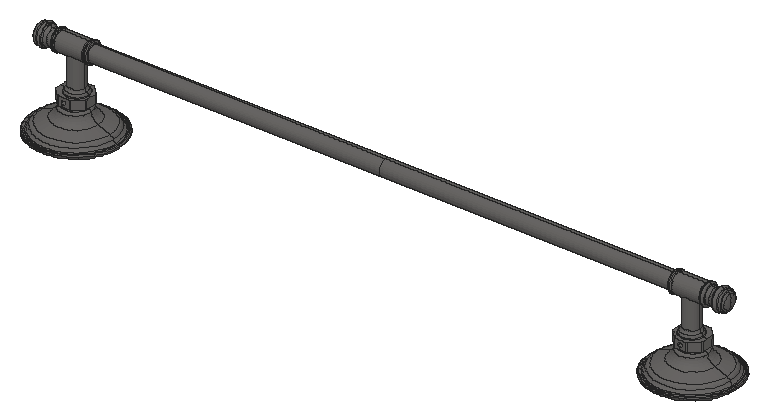
Revit family "Accessory-Towel_Bar-KOHLER-Eclectic-K-26499", category Specialty Equipment, host Face, Revit 2021
Family settings
  Host = Face
  Round Connector Dimension = Use Diameter
  Part Type = Normal
  OmniClass Number = 23.31.25.25
  OmniClass Title = Towel Bars
  Cut with Voids When Loaded = No
  Shared = No
  Room Calculation Point = No
Parameters (values of type "2BZ-Oil Rubbed Bronze")
  Width = 3 55/128"  # constant formula
  WaterSense Certified = 1 = 0  # no
  URL = "https://www.us.kohler.com/us/"
  Type = 1
  Product Page URL = "http://www.us.kohler.com/us/catalog/productDetails.jsp?productId=26499"
  Product Name = "Eclectic"  # constant formula
  Product Documentation Link = "https://www.us.kohler.com/webassets/kpna/catalog/pdf/en/K-26499_spec_US-CA_Kohler_en.pdf"
  Model = if(Type = 1, "K-26499-2BZ", if(Type = 2, "K-26499-BN", if(Type = 3, "K-26499-CP", if(Type = 4, "K-26499-2MB", "NA"))))  # "K-26499-2BZ"
  Material = "Premium Metal Construction"  # constant formula
  Master Format 2014 Name = "Toilet, Bath, and Laundry Accessories"  # constant formula
  Master Format 2014 = "10 28 00"  # constant formula
  Manufacturer Address = "444 Highland Dr, Kohler, WI 53044"  # constant formula
  Manufacturer = "Kohler Co."  # constant formula
  Length = 27 49/128"  # constant formula
  Height = 3 49/128"  # constant formula
  Finish = Kohler-Metal-2BZ-Oil_Rubbed_Bronze
  Environmental Product Declaration = ""
  Description = "24 Inch towel bar"  # constant formula
  Default Elevation = 42"
  Declare Label = ""
  Date Modified = "12/30/2022"  # constant formula
  Date Created = "12/30/2022"  # constant formula
  Copyright = "Copyright Kohler Co."  # constant formula
  Contact Us = "https://www.us.kohler.com/us/static/contact.jsp"
  Assembly Code = "C1030200"
  ADA Compliant = 1 = 0  # no
Reference planes (in)
  plane 1 "Center (Front/Back)": y = 0
  plane 2: z = 0
  plane 3 "Center (Left/Right)": x = 0
  plane 4: y = 1.69121
  plane 5: y = -1.6916
  plane 6: x = -13.69094
  plane 7: x = 13.69187
  plane 8: x = -10.30906
  plane 9: x = -12
  plane 10: x = 10.30906
  plane 11: x = 12
  plane 12: y = 0.31314
  plane 13: y = -0.31314
  plane 14: z = 3.42969
  plane 15: z = 3.31978
  plane 16: z = 3.00679
  plane 17: z = 2.69371
  plane 18: x = -12.352
  plane 19: x = -11.648
  plane 20: x = 11.648
  plane 21: x = 12.352
Dimensions and locks (in)
  "Length": plane 6 to plane 7
  "Height": plane 4 to plane 5
  "Width": level to plane 14
  plane 14 to level = 3 55/128"
  plane 15 to plane 17 = 0.62608"
  plane 9 to plane 11 = 24"
  plane 4 to plane 5 = 3 49/128"
  aligned and locked: plane 2 to host face
  aligned and locked: level to host face
  aligned and locked: plane 3 "Center (Left/Right)" to nested 1
  aligned and locked: plane 1 "Center (Front/Back)" to nested 1
Automatic sketch dimensions
  host sketch curve to host sketch curve = 96"  (x2)
Nested families (in)
  nested 1: "K-26499" at (0, 0, 0), type "K-26499"
Definition of nested family "K-26499"
  Parameters (values of type "K-26499")
    Material = none
    Default Elevation = 0"
  Reference planes (in)
    plane 1 "Center (Front/Back)": y = 0
    plane 2: z = 0
    plane 3 "Center (Left/Right)": x = 0
    plane 4: x = -13.69094
    plane 5: x = 13.69094
    plane 6: x = -12
    plane 7: x = 12
    plane 8: x = -10.30906
    plane 9: x = 10.30906
    plane 10: z = 3.43121
    plane 11: z = 3.31978
    plane 12: z = 2.69371
    plane 13: y = 1.69121
    plane 14: y = -1.69121
    plane 15: y = 0.31314
    plane 16: y = -0.31314
    plane 17: z = 3.00679
    plane 18: x = -12.352
    plane 19: x = -11.648
    plane 20: x = 12.352
    plane 21: x = 11.648
  Forms (in)
    Revolve 1, solid, material <- "Material", detail levels medium+fine
      sketch origin (0, 0, 0) x (1, 0, 0) y (0, 0, 1)
        loop
          line (-13.47606, 3.00679) -> (13.47606, 3.00679)
          arc (13.47606, 3.00679) -> (13.4654, 3.14481) -> (13.43502, 3.27986) r 0.96108
          arc (13.43502, 3.27986) -> (13.41171, 3.31803) -> (13.37273, 3.33996) r 0.08868
          arc (13.37273, 3.33996) -> (13.3568, 3.35013) -> (13.34976, 3.36767) r 0.03094
          arc (13.34976, 3.36767) -> (13.32603, 3.39662) -> (13.29081, 3.38393) r 0.03244
          arc (13.29081, 3.38393) -> (13.24681, 3.36301) -> (13.20631, 3.39009) r 0.04931
          arc (13.20631, 3.39009) -> (13.15071, 3.43062) -> (13.08546, 3.40881) r 0.07503
          arc (13.08546, 3.40881) -> (13.07224, 3.3993) -> (13.05656, 3.39493) r 0.04658
          arc (13.05656, 3.39493) -> (13.0375, 3.38966) -> (13.02137, 3.37821) r 0.05722
          arc (13.02137, 3.37821) -> (12.95724, 3.33498) -> (12.88141, 3.31978) r 0.19685
          line (12.88141, 3.31978) -> (12.7369, 3.31978)
          arc (12.7369, 3.31978) -> (12.70984, 3.30857) -> (12.69863, 3.28151) r 0.03827
          line (12.69863, 3.28151) -> (12.69863, 3.34216)
          arc (12.69863, 3.34216) -> (12.68111, 3.38682) -> (12.6379, 3.40766) r 0.06569
          arc (12.6379, 3.40766) -> (12.62136, 3.40839) -> (12.6048, 3.40805) r 0.25877
          arc (12.6048, 3.40805) -> (12.58981, 3.40404) -> (12.57773, 3.3943) r 0.03744
          arc (12.57773, 3.3943) -> (12.56473, 3.3841) -> (12.5486, 3.38046) r 0.03756
          line (12.5486, 3.38046) -> (11.47273, 3.38046)
          arc (11.47273, 3.38046) -> (11.4454, 3.38508) -> (11.42111, 3.39845) r 0.08307
          arc (11.42111, 3.39845) -> (11.40677, 3.4061) -> (11.39065, 3.40821) r 0.04536
          arc (11.39065, 3.40821) -> (11.36449, 3.40629) -> (11.33844, 3.40316) r 0.56554
          arc (11.33844, 3.40316) -> (11.32333, 3.39615) -> (11.31457, 3.38197) r 0.02899
          line (11.31457, 3.38197) -> (11.30355, 3.34084)
          arc (11.30355, 3.34084) -> (11.2934, 3.32566) -> (11.27611, 3.31978) r 0.02841
          line (11.27611, 3.31978) -> (0.06414, 3.31978) -> (-11.27611, 3.31978)
          arc (-11.27611, 3.31978) -> (-11.2934, 3.32566) -> (-11.30355, 3.34084) r 0.02841
          line (-11.30355, 3.34084) -> (-11.31457, 3.38197)
          arc (-11.31457, 3.38197) -> (-11.32333, 3.39615) -> (-11.33844, 3.40316) r 0.02899
          arc (-11.33844, 3.40316) -> (-11.36449, 3.40629) -> (-11.39065, 3.40821) r 0.56554
          arc (-11.39065, 3.40821) -> (-11.40677, 3.4061) -> (-11.42111, 3.39845) r 0.04536
          arc (-11.42111, 3.39845) -> (-11.4454, 3.38508) -> (-11.47273, 3.38046) r 0.08307
          line (-11.47273, 3.38046) -> (-12.5486, 3.38046)
          arc (-12.5486, 3.38046) -> (-12.56473, 3.3841) -> (-12.57773, 3.3943) r 0.03756
          arc (-12.57773, 3.3943) -> (-12.58981, 3.40404) -> (-12.6048, 3.40805) r 0.03744
          arc (-12.6048, 3.40805) -> (-12.62136, 3.40839) -> (-12.6379, 3.40766) r 0.25877
          arc (-12.6379, 3.40766) -> (-12.68111, 3.38682) -> (-12.69863, 3.34216) r 0.06569
          line (-12.69863, 3.34216) -> (-12.69863, 3.28151)
          arc (-12.69863, 3.28151) -> (-12.70984, 3.30857) -> (-12.7369, 3.31978) r 0.03827
          line (-12.7369, 3.31978) -> (-12.88141, 3.31978)
          arc (-12.88141, 3.31978) -> (-12.95724, 3.33498) -> (-13.02137, 3.37821) r 0.19685
          arc (-13.02137, 3.37821) -> (-13.0375, 3.38966) -> (-13.05656, 3.39493) r 0.05722
          arc (-13.05656, 3.39493) -> (-13.07224, 3.3993) -> (-13.08546, 3.40881) r 0.04658
          arc (-13.08546, 3.40881) -> (-13.15071, 3.43062) -> (-13.20631, 3.39009) r 0.07503
          arc (-13.20631, 3.39009) -> (-13.24681, 3.36301) -> (-13.29081, 3.38393) r 0.04931
          arc (-13.29081, 3.38393) -> (-13.32603, 3.39662) -> (-13.34976, 3.36767) r 0.03244
          arc (-13.34976, 3.36767) -> (-13.3568, 3.35013) -> (-13.37273, 3.33996) r 0.03094
          arc (-13.37273, 3.33996) -> (-13.41171, 3.31803) -> (-13.43502, 3.27986) r 0.08868
          arc (-13.43502, 3.27986) -> (-13.4654, 3.14481) -> (-13.47606, 3.00679) r 0.96108
        axis (-13.47606, 3.00679) -> (13.47606, 3.00679)
      angle from 0 to 360
    Revolve 2, solid, material <- "Material", detail levels medium+fine
      sketch origin (0, 0, 0) x (1, 0, 0) y (0, 0, 1)
        loop
          line (-11.648, 3.00679) -> (-11.95722, 3.00679) -> (-11.95722, 1.09504) -> (-10.89868, 1.09504)
          arc (-10.89868, 1.09504) -> (-10.86454, 1.10918) -> (-10.85039, 1.14332) r 0.04828
          line (-10.85039, 1.14332) -> (-10.85039, 1.38533)
          arc (-10.85039, 1.38533) -> (-10.86458, 1.41958) -> (-10.89882, 1.43376) r 0.04843
          line (-10.89882, 1.43376) -> (-11.5164, 1.43376)
          arc (-11.5164, 1.43376) -> (-11.53105, 1.43935) -> (-11.53824, 1.45329) r 0.02198
          arc (-11.53824, 1.45329) -> (-11.55183, 1.49617) -> (-11.58072, 1.53065) r 0.11593
          arc (-11.58072, 1.53065) -> (-11.63032, 1.59331) -> (-11.648, 1.67124) r 0.18052
          line (-11.648, 1.67124) -> (-11.648, 3.00679)
        axis (-11.95722, 3.00679) -> (-11.95722, 1.09504)
      angle from 0 to 360
    Revolve 3, solid, material <- "Material", detail levels medium+fine
      sketch origin (0, 0, 0) x (1, 0, 0) y (0, 0, 1)
        loop
          line (-12, 1.11901) -> (-12, 0) -> (-10.37383, 0)
          arc (-10.37383, 0) -> (-10.3295, 0.02073) -> (-10.30906, 0.06521) r 0.07112
          arc (-10.30906, 0.06521) -> (-10.31273, 0.09004) -> (-10.32692, 0.11076) r 0.05587
          arc (-10.32692, 0.11076) -> (-10.34445, 0.1217) -> (-10.36475, 0.12552) r 0.05587
          line (-10.36475, 0.12552) -> (-10.41869, 0.12552)
          arc (-10.41869, 0.12552) -> (-10.44095, 0.12872) -> (-10.4614, 0.13806) r 0.07897
          arc (-10.4614, 0.13806) -> (-10.51806, 0.18823) -> (-10.55693, 0.25318) r 0.2477
          arc (-10.55693, 0.25318) -> (-10.61063, 0.32804) -> (-10.69251, 0.37028) r 0.19685
          arc (-10.69251, 0.37028) -> (-10.92839, 0.44107) -> (-11.15575, 0.53575) r 2.39104
          arc (-11.15575, 0.53575) -> (-11.32868, 0.67545) -> (-11.42024, 0.87803) r 0.48061
          arc (-11.42024, 0.87803) -> (-11.45327, 0.93363) -> (-11.51413, 0.9555) r 0.09564
          line (-11.51413, 0.9555) -> (-11.56658, 0.9555)
          arc (-11.56658, 0.9555) -> (-11.61604, 0.97599) -> (-11.63653, 1.02545) r 0.06995
          line (-11.63653, 1.02545) -> (-11.63653, 1.09226)
          arc (-11.63653, 1.09226) -> (-11.64437, 1.11118) -> (-11.66328, 1.11901) r 0.02675
          line (-11.66328, 1.11901) -> (-12, 1.11901)
        axis (-12, 0) -> (-12, 1.11901)
      angle from 0 to 360
    Revolve 4, solid, material <- "Material", detail levels medium+fine
      sketch origin (0, 0, 0) x (-1, 0, 0) y (0, 0, -1)
        loop
          line (-11.648, -3.00679) -> (-11.648, -1.67124)
          arc (-11.648, -1.67124) -> (-11.63032, -1.59331) -> (-11.58072, -1.53065) r 0.18052
          arc (-11.58072, -1.53065) -> (-11.55183, -1.49617) -> (-11.53824, -1.45329) r 0.11593
          arc (-11.53824, -1.45329) -> (-11.53105, -1.43935) -> (-11.5164, -1.43376) r 0.02198
          line (-11.5164, -1.43376) -> (-11.24086, -1.43376)
          arc (-11.24086, -1.43376) -> (-11.20662, -1.41958) -> (-11.19244, -1.38533) r 0.04843
          line (-11.19244, -1.38533) -> (-11.19244, -1.14332)
          arc (-11.19244, -1.14332) -> (-11.20658, -1.10918) -> (-11.24072, -1.09504) r 0.04828
          line (-11.24072, -1.09504) -> (-11.95722, -1.09504) -> (-11.95722, -3.00679) -> (-11.648, -3.00679)
        axis (-11.95722, -3.00679) -> (-11.95722, -1.09504)
      angle from 0 to 360
    Revolve 5, solid, material <- "Material", detail levels medium+fine
      sketch origin (0, 0, 0) x (-1, 0, 0) y (0, 0, -1)
        loop
          line (-12, -1.11901) -> (-11.66328, -1.11901)
          arc (-11.66328, -1.11901) -> (-11.64437, -1.11118) -> (-11.63653, -1.09226) r 0.02675
          line (-11.63653, -1.09226) -> (-11.63653, -1.02545)
          arc (-11.63653, -1.02545) -> (-11.61604, -0.97599) -> (-11.56658, -0.9555) r 0.06995
          line (-11.56658, -0.9555) -> (-11.51413, -0.9555)
          arc (-11.51413, -0.9555) -> (-11.45327, -0.93363) -> (-11.42024, -0.87803) r 0.09564
          arc (-11.42024, -0.87803) -> (-11.32868, -0.67545) -> (-11.15575, -0.53575) r 0.48061
          arc (-11.15575, -0.53575) -> (-10.92839, -0.44107) -> (-10.69251, -0.37028) r 2.39104
          arc (-10.69251, -0.37028) -> (-10.61063, -0.32804) -> (-10.55693, -0.25318) r 0.19685
          arc (-10.55693, -0.25318) -> (-10.51806, -0.18823) -> (-10.4614, -0.13806) r 0.2477
          arc (-10.4614, -0.13806) -> (-10.44095, -0.12872) -> (-10.41869, -0.12552) r 0.07897
          line (-10.41869, -0.12552) -> (-10.36475, -0.12552)
          arc (-10.36475, -0.12552) -> (-10.34445, -0.1217) -> (-10.32692, -0.11076) r 0.05587
          arc (-10.32692, -0.11076) -> (-10.31273, -0.09004) -> (-10.30906, -0.06521) r 0.05587
          arc (-10.30906, -0.06521) -> (-10.3295, -0.02073) -> (-10.37383, 0) r 0.07112
          line (-10.37383, 0) -> (-12, 0) -> (-12, -1.11901)
        axis (-12, 0) -> (-12, -1.11901)
      angle from 0 to 360
    Extrusion 6, void
      sketch origin (0, 0, 0) x (1, 0, 0) y (0, 1, 0)
        loop
          line (-12.21354, 0.58561) -> (-11.7864, 0.58561)
          arc (-11.7864, 0.58561) -> (-11.76048, 0.58045) -> (-11.73851, 0.56577) r 0.06772
          line (-11.73851, 0.56577) -> (-11.42646, 0.25372)
          arc (-11.42646, 0.25372) -> (-11.41178, 0.23175) -> (-11.40663, 0.20584) r 0.06772
          line (-11.40663, 0.20584) -> (-11.40663, 0) -> (-10.15006, 0) -> (-10.15006, 2.52063) -> (-14.01728, 2.52063) -> (-14.01728, 0) -> (-12.59337, 0) -> (-12.59337, 0.20582)
          arc (-12.59337, 0.20582) -> (-12.58822, 0.23174) -> (-12.57354, 0.25371) r 0.06772
          line (-12.57354, 0.25371) -> (-12.26151, 0.56574)
          arc (-12.26151, 0.56574) -> (-12.2395, 0.58044) -> (-12.21354, 0.58561) r 0.06783
      from 1.00159 to 1.53911
    Extrusion 7, void
      sketch origin (0, 0, 0) x (1, 0, 0) y (0, 1, 0)
        loop
          arc (-12.21354, -0.58561) -> (-12.2395, -0.58044) -> (-12.26151, -0.56574) r 0.06783
          line (-12.26151, -0.56574) -> (-12.57354, -0.25371)
          arc (-12.57354, -0.25371) -> (-12.58822, -0.23174) -> (-12.59337, -0.20582) r 0.06772
          line (-12.59337, -0.20582) -> (-12.59337, 0) -> (-14.01728, 0) -> (-14.01728, -2.52063) -> (-10.15006, -2.52063) -> (-10.15006, 0) -> (-11.40663, 0) -> (-11.40663, -0.20584)
          arc (-11.40663, -0.20584) -> (-11.41178, -0.23175) -> (-11.42646, -0.25372) r 0.06772
          line (-11.42646, -0.25372) -> (-11.73851, -0.56577)
          arc (-11.73851, -0.56577) -> (-11.76048, -0.58045) -> (-11.7864, -0.58561) r 0.06772
          line (-11.7864, -0.58561) -> (-12.21354, -0.58561)
      from 1.00159 to 1.53911
    Extrusion 8, void
      sketch origin (0, 0, 0) x (-1, 0, 0) y (0, -1, 0)
        loop
          arc (-12.21354, -0.58561) -> (-12.2395, -0.58044) -> (-12.26151, -0.56574) r 0.06783
          line (-12.26151, -0.56574) -> (-12.57354, -0.25371)
          arc (-12.57354, -0.25371) -> (-12.58822, -0.23174) -> (-12.59337, -0.20582) r 0.06772
          line (-12.59337, -0.20582) -> (-12.59337, 0) -> (-14.01728, 0) -> (-14.01728, -2.52063) -> (-10.15006, -2.52063) -> (-10.15006, 0) -> (-11.40663, 0) -> (-11.40663, -0.20584)
          arc (-11.40663, -0.20584) -> (-11.41178, -0.23175) -> (-11.42646, -0.25372) r 0.06772
          line (-11.42646, -0.25372) -> (-11.73851, -0.56577)
          arc (-11.73851, -0.56577) -> (-11.76048, -0.58045) -> (-11.7864, -0.58561) r 0.06772
          line (-11.7864, -0.58561) -> (-12.21354, -0.58561)
      from 1.00159 to 1.53911
    Extrusion 9, void
      sketch origin (0, 0, 0) x (-1, 0, 0) y (0, -1, 0)
        loop
          line (-12.21354, 0.58561) -> (-11.7864, 0.58561)
          arc (-11.7864, 0.58561) -> (-11.76048, 0.58045) -> (-11.73851, 0.56577) r 0.06772
          line (-11.73851, 0.56577) -> (-11.42646, 0.25372)
          arc (-11.42646, 0.25372) -> (-11.41178, 0.23175) -> (-11.40663, 0.20584) r 0.06772
          line (-11.40663, 0.20584) -> (-11.40663, 0) -> (-10.15006, 0) -> (-10.15006, 2.52063) -> (-14.01728, 2.52063) -> (-14.01728, 0) -> (-12.59337, 0) -> (-12.59337, 0.20582)
          arc (-12.59337, 0.20582) -> (-12.58822, 0.23174) -> (-12.57354, 0.25371) r 0.06772
          line (-12.57354, 0.25371) -> (-12.26151, 0.56574)
          arc (-12.26151, 0.56574) -> (-12.2395, 0.58044) -> (-12.21354, 0.58561) r 0.06783
      from 1.00159 to 1.53911
    Extrusion 10, void
      sketch origin (0, 0, 0) x (1, 0, 0) y (0, 0, 1)
        loop
          circle (-11.99975, 1.2655) r 0.09492
      from 0.13466 to 1.28013
    Extrusion 11, void
      sketch origin (0, 0, 0) x (-1, 0, 0) y (0, 0, -1)
        loop
          circle (-11.99975, -1.2655) r 0.09492
      from 0.13466 to 1.28013
    Revolve 12, solid, material <- "Material", detail levels coarse
      sketch origin (0, 0, 0) x (1, 0, 0) y (0, 0, 1)
        loop
          line (-0.22566, 3.00679) -> (-13.61166, 3.00679) -> (-13.61166, 2.51467) -> (-11.18845, 2.51467) -> (-11.18845, 2.6151) -> (-0.02707, 2.6151) -> (11.18845, 2.6151) -> (11.18845, 2.51467) -> (13.61166, 2.51467) -> (13.61166, 3.00679) -> (-0.22566, 3.00679)
        axis (-13.61166, 3.00679) -> (13.61166, 3.00679)
      angle from 0 to 360
    Revolve 13, solid, material <- "Material", detail levels coarse
      sketch origin (0, 0, 0) x (-1, 0, 0) y (0, 0, -1)
        loop
          line (-11.58633, -2.90837) -> (-11.58633, -1.51673) -> (-11.36488, -1.51673) -> (-11.36488, -0.47816) -> (-10.26085, -0.47816) -> (-10.26085, -0.07957)
          arc (-10.26085, -0.07957) -> (-10.28416, -0.02331) -> (-10.34042, 0) r 0.07957
          line (-10.34042, 0) -> (-12, 0) -> (-12, -2.90837) -> (-11.58633, -2.90837)
        axis (-12, -2.90837) -> (-12, 0)
      angle from 0 to 360
    Revolve 14, solid, material <- "Material", detail levels coarse
      sketch origin (0, 0, 0) x (1, 0, 0) y (0, 0, 1)
        loop
          line (-11.58633, 2.90837) -> (-12, 2.90837) -> (-12, 0) -> (-10.34042, 0)
          arc (-10.34042, 0) -> (-10.28416, 0.02331) -> (-10.26085, 0.07957) r 0.07957
          line (-10.26085, 0.07957) -> (-10.26085, 0.47816) -> (-11.36488, 0.47816) -> (-11.36488, 1.51673) -> (-11.58633, 1.51673) -> (-11.58633, 2.90837)
        axis (-12, 2.90837) -> (-12, 0)
      angle from 0 to 360
  Cuts and joins
    Extrusion 7, Extrusion 8, Extrusion 9, Extrusion 10, Extrusion 11 cuts Revolve 1
    Extrusion 6, Extrusion 7, Extrusion 8, Extrusion 9, Extrusion 10, Extrusion 11 cuts Revolve 2
    Extrusion 7, Extrusion 8, Extrusion 9, Extrusion 10, Extrusion 11 cuts Revolve 3
    Extrusion 7, Extrusion 8, Extrusion 9, Extrusion 10, Extrusion 11 cuts Revolve 4
    Extrusion 7, Extrusion 8, Extrusion 9, Extrusion 10, Extrusion 11 cuts Revolve 5
    joined: Revolve 1, Revolve 2, Revolve 3, Revolve 4, Revolve 5
    joined: Revolve 12, Revolve 13
  Lines and regions (in)
    Masking region 1
      outline origin (0, 0, 0) x (1, 0, 0) y (0, 1, 0)
        loop
          arc (-10.33803, 0.31314) -> (-13.69121, 0) -> (-10.33803, -0.31314) r 1.69121
          line (-10.33803, -0.31314) -> (0.09904, -0.31314) -> (10.33803, -0.31314)
          arc (10.33803, -0.31314) -> (13.69121, 0) -> (10.33803, 0.31314) r 1.69121
          line (10.33803, 0.31314) -> (-0.05202, 0.31314) -> (-10.33803, 0.31314)
    Masking region 2
      outline origin (0, 0, 0) x (1, 0, 0) y (0, 0, 1)
        loop
          line (-12, 0) -> (-10.37383, 0)
          arc (-10.37383, 0) -> (-10.32571, 0.02128) -> (-10.30906, 0.07119) r 0.06507
          arc (-10.30906, 0.07119) -> (-10.31747, 0.09759) -> (-10.33611, 0.11808) r 0.06507
          arc (-10.33611, 0.11808) -> (-10.35186, 0.12507) -> (-10.36909, 0.12533) r 0.04312
          line (-10.36909, 0.12533) -> (-10.40207, 0.12533)
          arc (-10.40207, 0.12533) -> (-10.48714, 0.15254) -> (-10.54062, 0.22409) r 0.14657
          arc (-10.54062, 0.22409) -> (-10.6018, 0.31781) -> (-10.70001, 0.37149) r 0.22969
          arc (-10.70001, 0.37149) -> (-10.94161, 0.44619) -> (-11.17539, 0.54263) r 2.76762
          arc (-11.17539, 0.54263) -> (-11.34207, 0.68069) -> (-11.42021, 0.88253) r 0.42932
          arc (-11.42021, 0.88253) -> (-11.45119, 0.93827) -> (-11.51251, 0.95578) r 0.08332
          arc (-11.51251, 0.95578) -> (-11.5473, 0.95444) -> (-11.58189, 0.95841) r 0.22857
          arc (-11.58189, 0.95841) -> (-11.62064, 0.98123) -> (-11.63625, 1.0234) r 0.06705
          line (-11.63625, 1.0234) -> (-11.63625, 1.07244)
          arc (-11.63625, 1.07244) -> (-11.6424, 1.08796) -> (-11.65752, 1.09504) r 0.02264
          line (-11.65752, 1.09504) -> (-11.46667, 1.09504)
          arc (-11.46667, 1.09504) -> (-11.42983, 1.1103) -> (-11.41457, 1.14714) r 0.0521
          line (-11.41457, 1.14714) -> (-11.41457, 1.38285)
          arc (-11.41457, 1.38285) -> (-11.42948, 1.41885) -> (-11.46547, 1.43376) r 0.05091
          line (-11.46547, 1.43376) -> (-11.51434, 1.43376)
          arc (-11.51434, 1.43376) -> (-11.53046, 1.44044) -> (-11.53714, 1.45656) r 0.0228
          arc (-11.53714, 1.45656) -> (-11.54993, 1.4944) -> (-11.58306, 1.51673) r 0.06239
          arc (-11.58306, 1.51673) -> (-11.64183, 1.56371) -> (-11.648, 1.63871) r 0.095
          line (-11.648, 1.63871) -> (-11.648, 2.5306)
          arc (-11.648, 2.5306) -> (-11.61799, 2.60306) -> (-11.54553, 2.63308) r 0.10248
          line (-11.54553, 2.63308) -> (-11.42249, 2.63308)
          arc (-11.42249, 2.63308) -> (-11.41982, 2.61679) -> (-11.40666, 2.60681) r 0.02228
          arc (-11.40666, 2.60681) -> (-11.36288, 2.603) -> (-11.32064, 2.6151) r 0.12085
          line (-11.32064, 2.6151) -> (-11.29658, 2.6938) -> (0.02338, 2.6938) -> (11.29658, 2.6938) -> (11.32064, 2.6151)
          arc (11.32064, 2.6151) -> (11.36288, 2.603) -> (11.40666, 2.60681) r 0.12085
          arc (11.40666, 2.60681) -> (11.41982, 2.61679) -> (11.42249, 2.63308) r 0.02228
          line (11.42249, 2.63308) -> (11.54553, 2.63308)
          arc (11.54553, 2.63308) -> (11.61799, 2.60306) -> (11.648, 2.5306) r 0.10248
          line (11.648, 2.5306) -> (11.648, 1.63871)
          arc (11.648, 1.63871) -> (11.64183, 1.56371) -> (11.58306, 1.51673) r 0.095
          arc (11.58306, 1.51673) -> (11.54993, 1.4944) -> (11.53714, 1.45656) r 0.06239
          arc (11.53714, 1.45656) -> (11.53046, 1.44044) -> (11.51434, 1.43376) r 0.0228
          line (11.51434, 1.43376) -> (11.46547, 1.43376)
          arc (11.46547, 1.43376) -> (11.42948, 1.41885) -> (11.41457, 1.38285) r 0.05091
          line (11.41457, 1.38285) -> (11.41457, 1.14714)
          arc (11.41457, 1.14714) -> (11.42983, 1.1103) -> (11.46667, 1.09504) r 0.0521
          line (11.46667, 1.09504) -> (11.65752, 1.09504)
          arc (11.65752, 1.09504) -> (11.6424, 1.08796) -> (11.63625, 1.07244) r 0.02264
          line (11.63625, 1.07244) -> (11.63625, 1.0234)
          arc (11.63625, 1.0234) -> (11.62064, 0.98123) -> (11.58189, 0.95841) r 0.06705
          arc (11.58189, 0.95841) -> (11.5473, 0.95444) -> (11.51251, 0.95578) r 0.22857
          arc (11.51251, 0.95578) -> (11.45119, 0.93827) -> (11.42021, 0.88253) r 0.08332
          arc (11.42021, 0.88253) -> (11.34207, 0.68069) -> (11.17539, 0.54263) r 0.42932
          arc (11.17539, 0.54263) -> (10.94161, 0.44619) -> (10.70001, 0.37149) r 2.76762
          arc (10.70001, 0.37149) -> (10.6018, 0.31781) -> (10.54062, 0.22409) r 0.22969
          arc (10.54062, 0.22409) -> (10.48714, 0.15254) -> (10.40207, 0.12533) r 0.14657
          line (10.40207, 0.12533) -> (10.36909, 0.12533)
          arc (10.36909, 0.12533) -> (10.35186, 0.12507) -> (10.33611, 0.11808) r 0.04312
          arc (10.33611, 0.11808) -> (10.31747, 0.09759) -> (10.30906, 0.07119) r 0.06507
          arc (10.30906, 0.07119) -> (10.32571, 0.02128) -> (10.37383, 0) r 0.06507
          line (10.37383, 0) -> (12, 0) -> (13.62617, 0)
          arc (13.62617, 0) -> (13.67429, 0.02128) -> (13.69094, 0.07119) r 0.06507
          arc (13.69094, 0.07119) -> (13.68253, 0.09759) -> (13.66389, 0.11808) r 0.06507
          arc (13.66389, 0.11808) -> (13.64814, 0.12507) -> (13.63091, 0.12533) r 0.04312
          line (13.63091, 0.12533) -> (13.59793, 0.12533)
          arc (13.59793, 0.12533) -> (13.51286, 0.15254) -> (13.45938, 0.22409) r 0.14657
          arc (13.45938, 0.22409) -> (13.3982, 0.31781) -> (13.29999, 0.37149) r 0.22969
          arc (13.29999, 0.37149) -> (13.05839, 0.44619) -> (12.82461, 0.54263) r 2.76762
          arc (12.82461, 0.54263) -> (12.65793, 0.68069) -> (12.57979, 0.88253) r 0.42932
          arc (12.57979, 0.88253) -> (12.54881, 0.93827) -> (12.48749, 0.95578) r 0.08332
          arc (12.48749, 0.95578) -> (12.4527, 0.95444) -> (12.41811, 0.95841) r 0.22857
          arc (12.41811, 0.95841) -> (12.37936, 0.98123) -> (12.36375, 1.0234) r 0.06705
          line (12.36375, 1.0234) -> (12.36375, 1.07244)
          arc (12.36375, 1.07244) -> (12.3576, 1.08796) -> (12.34248, 1.09504) r 0.02264
          line (12.34248, 1.09504) -> (12.53333, 1.09504)
          arc (12.53333, 1.09504) -> (12.57017, 1.1103) -> (12.58543, 1.14714) r 0.0521
          line (12.58543, 1.14714) -> (12.58543, 1.38285)
          arc (12.58543, 1.38285) -> (12.57052, 1.41885) -> (12.53453, 1.43376) r 0.05091
          line (12.53453, 1.43376) -> (12.48566, 1.43376)
          arc (12.48566, 1.43376) -> (12.46954, 1.44044) -> (12.46286, 1.45656) r 0.0228
          arc (12.46286, 1.45656) -> (12.45007, 1.4944) -> (12.41694, 1.51673) r 0.06239
          arc (12.41694, 1.51673) -> (12.35817, 1.56371) -> (12.352, 1.63871) r 0.095
          line (12.352, 1.63871) -> (12.352, 2.5306)
          arc (12.352, 2.5306) -> (12.38201, 2.60306) -> (12.45447, 2.63308) r 0.10248
          line (12.45447, 2.63308) -> (12.57751, 2.63308)
          arc (12.57751, 2.63308) -> (12.58018, 2.61679) -> (12.59334, 2.60681) r 0.02228
          arc (12.59334, 2.60681) -> (12.63712, 2.603) -> (12.67936, 2.6151) r 0.12085
          line (12.67936, 2.6151) -> (12.69873, 2.67846) -> (12.69873, 2.73347)
          arc (12.69873, 2.73347) -> (12.7113, 2.70446) -> (12.74105, 2.69379) r 0.03976
          arc (12.74105, 2.69379) -> (12.84202, 2.69345) -> (12.94202, 2.67948) r 0.74589
          arc (12.94202, 2.67948) -> (12.98222, 2.6649) -> (13.01677, 2.63969) r 0.15186
          arc (13.01677, 2.63969) -> (13.03609, 2.62547) -> (13.05854, 2.61701) r 0.08776
          arc (13.05854, 2.61701) -> (13.07299, 2.61149) -> (13.08532, 2.60214) r 0.05476
          arc (13.08532, 2.60214) -> (13.15558, 2.58233) -> (13.2087, 2.63242) r 0.07406
          arc (13.2087, 2.63242) -> (13.21801, 2.64471) -> (13.23304, 2.64813) r 0.02253
          line (13.23304, 2.64813) -> (13.26433, 2.64813)
          arc (13.26433, 2.64813) -> (13.27862, 2.64281) -> (13.28904, 2.63167) r 0.03329
          arc (13.28904, 2.63167) -> (13.32598, 2.61616) -> (13.35066, 2.64772) r 0.033
          arc (13.35066, 2.64772) -> (13.35752, 2.66493) -> (13.37415, 2.6731) r 0.02578
          arc (13.37415, 2.6731) -> (13.39203, 2.67781) -> (13.40735, 2.68817) r 0.05513
          arc (13.40735, 2.68817) -> (13.42581, 2.71079) -> (13.43818, 2.73723) r 0.11857
          arc (13.43818, 2.73723) -> (13.48088, 3.00679) -> (13.43818, 3.27636) r 0.87221
          arc (13.43818, 3.27636) -> (13.42581, 3.3028) -> (13.40735, 3.32542) r 0.11857
          arc (13.40735, 3.32542) -> (13.39203, 3.33577) -> (13.37415, 3.34048) r 0.05513
          arc (13.37415, 3.34048) -> (13.35752, 3.34865) -> (13.35066, 3.36586) r 0.02578
          arc (13.35066, 3.36586) -> (13.32598, 3.39742) -> (13.28904, 3.38191) r 0.033
          arc (13.28904, 3.38191) -> (13.27862, 3.37077) -> (13.26433, 3.36545) r 0.03329
          line (13.26433, 3.36545) -> (13.23304, 3.36545)
          arc (13.23304, 3.36545) -> (13.21801, 3.36887) -> (13.2087, 3.38116) r 0.02253
          arc (13.2087, 3.38116) -> (13.15558, 3.43125) -> (13.08532, 3.41144) r 0.07406
          arc (13.08532, 3.41144) -> (13.07299, 3.4021) -> (13.05854, 3.39657) r 0.05476
          arc (13.05854, 3.39657) -> (13.03609, 3.38811) -> (13.01677, 3.37389) r 0.08776
          arc (13.01677, 3.37389) -> (12.98222, 3.34869) -> (12.94202, 3.33411) r 0.15186
          arc (12.94202, 3.33411) -> (12.84202, 3.32013) -> (12.74105, 3.31979) r 0.74589
          arc (12.74105, 3.31979) -> (12.7113, 3.30912) -> (12.69873, 3.28011) r 0.03976
          line (12.69873, 3.28011) -> (12.69873, 3.33512) -> (12.67936, 3.39848)
          arc (12.67936, 3.39848) -> (12.63712, 3.41058) -> (12.59334, 3.40678) r 0.12085
          arc (12.59334, 3.40678) -> (12.58018, 3.3968) -> (12.57751, 3.38051) r 0.02228
          line (12.57751, 3.38051) -> (12.01449, 3.38051) -> (11.42249, 3.38051)
          arc (11.42249, 3.38051) -> (11.41982, 3.3968) -> (11.40666, 3.40678) r 0.02228
          arc (11.40666, 3.40678) -> (11.36288, 3.41058) -> (11.32064, 3.39848) r 0.12085
          line (11.32064, 3.39848) -> (11.29658, 3.31978) -> (-0.07906, 3.31978) -> (-11.29658, 3.31978) -> (-11.32064, 3.39848)
          arc (-11.32064, 3.39848) -> (-11.36288, 3.41058) -> (-11.40666, 3.40678) r 0.12085
          arc (-11.40666, 3.40678) -> (-11.41982, 3.3968) -> (-11.42249, 3.38051) r 0.02228
          line (-11.42249, 3.38051) -> (-12.01449, 3.38051) -> (-12.57751, 3.38051)
          arc (-12.57751, 3.38051) -> (-12.58018, 3.3968) -> (-12.59334, 3.40678) r 0.02228
          arc (-12.59334, 3.40678) -> (-12.63712, 3.41058) -> (-12.67936, 3.39848) r 0.12085
          line (-12.67936, 3.39848) -> (-12.69873, 3.33512) -> (-12.69873, 3.28011)
          arc (-12.69873, 3.28011) -> (-12.7113, 3.30912) -> (-12.74105, 3.31979) r 0.03976
          arc (-12.74105, 3.31979) -> (-12.84202, 3.32013) -> (-12.94202, 3.33411) r 0.74589
          arc (-12.94202, 3.33411) -> (-12.98222, 3.34869) -> (-13.01677, 3.37389) r 0.15186
          arc (-13.01677, 3.37389) -> (-13.03609, 3.38811) -> (-13.05854, 3.39657) r 0.08776
          arc (-13.05854, 3.39657) -> (-13.07299, 3.4021) -> (-13.08532, 3.41144) r 0.05476
          arc (-13.08532, 3.41144) -> (-13.15558, 3.43125) -> (-13.2087, 3.38116) r 0.07406
          arc (-13.2087, 3.38116) -> (-13.21801, 3.36887) -> (-13.23304, 3.36545) r 0.02253
          line (-13.23304, 3.36545) -> (-13.26433, 3.36545)
          arc (-13.26433, 3.36545) -> (-13.27862, 3.37077) -> (-13.28904, 3.38191) r 0.03329
          arc (-13.28904, 3.38191) -> (-13.32598, 3.39742) -> (-13.35066, 3.36586) r 0.033
          arc (-13.35066, 3.36586) -> (-13.35752, 3.34865) -> (-13.37415, 3.34048) r 0.02578
          arc (-13.37415, 3.34048) -> (-13.39203, 3.33577) -> (-13.40735, 3.32542) r 0.05513
          arc (-13.40735, 3.32542) -> (-13.42581, 3.3028) -> (-13.43818, 3.27636) r 0.11857
          arc (-13.43818, 3.27636) -> (-13.48088, 3.00679) -> (-13.43818, 2.73723) r 0.87221
          arc (-13.43818, 2.73723) -> (-13.42581, 2.71079) -> (-13.40735, 2.68817) r 0.11857
          arc (-13.40735, 2.68817) -> (-13.39203, 2.67781) -> (-13.37415, 2.6731) r 0.05513
          arc (-13.37415, 2.6731) -> (-13.35752, 2.66493) -> (-13.35066, 2.64772) r 0.02578
          arc (-13.35066, 2.64772) -> (-13.32598, 2.61616) -> (-13.28904, 2.63167) r 0.033
          arc (-13.28904, 2.63167) -> (-13.27862, 2.64281) -> (-13.26433, 2.64813) r 0.03329
          line (-13.26433, 2.64813) -> (-13.23304, 2.64813)
          arc (-13.23304, 2.64813) -> (-13.21801, 2.64471) -> (-13.2087, 2.63242) r 0.02253
          arc (-13.2087, 2.63242) -> (-13.15558, 2.58233) -> (-13.08532, 2.60214) r 0.07406
          arc (-13.08532, 2.60214) -> (-13.07299, 2.61149) -> (-13.05854, 2.61701) r 0.05476
          arc (-13.05854, 2.61701) -> (-13.03609, 2.62547) -> (-13.01677, 2.63969) r 0.08776
          arc (-13.01677, 2.63969) -> (-12.98222, 2.6649) -> (-12.94202, 2.67948) r 0.15186
          arc (-12.94202, 2.67948) -> (-12.84202, 2.69345) -> (-12.74105, 2.69379) r 0.74589
          arc (-12.74105, 2.69379) -> (-12.7113, 2.70446) -> (-12.69873, 2.73347) r 0.03976
          line (-12.69873, 2.73347) -> (-12.69873, 2.67846) -> (-12.67936, 2.6151)
          arc (-12.67936, 2.6151) -> (-12.63712, 2.603) -> (-12.59334, 2.60681) r 0.12085
          arc (-12.59334, 2.60681) -> (-12.58018, 2.61679) -> (-12.57751, 2.63308) r 0.02228
          line (-12.57751, 2.63308) -> (-12.45447, 2.63308)
          arc (-12.45447, 2.63308) -> (-12.38201, 2.60306) -> (-12.352, 2.5306) r 0.10248
          line (-12.352, 2.5306) -> (-12.352, 1.63871)
          arc (-12.352, 1.63871) -> (-12.35817, 1.56371) -> (-12.41694, 1.51673) r 0.095
          arc (-12.41694, 1.51673) -> (-12.45007, 1.4944) -> (-12.46286, 1.45656) r 0.06239
          arc (-12.46286, 1.45656) -> (-12.46954, 1.44044) -> (-12.48566, 1.43376) r 0.0228
          line (-12.48566, 1.43376) -> (-12.53453, 1.43376)
          arc (-12.53453, 1.43376) -> (-12.57052, 1.41885) -> (-12.58543, 1.38285) r 0.05091
          line (-12.58543, 1.38285) -> (-12.58543, 1.14714)
          arc (-12.58543, 1.14714) -> (-12.57017, 1.1103) -> (-12.53333, 1.09504) r 0.0521
          line (-12.53333, 1.09504) -> (-12.34248, 1.09504)
          arc (-12.34248, 1.09504) -> (-12.3576, 1.08796) -> (-12.36375, 1.07244) r 0.02264
          line (-12.36375, 1.07244) -> (-12.36375, 1.0234)
          arc (-12.36375, 1.0234) -> (-12.37936, 0.98123) -> (-12.41811, 0.95841) r 0.06705
          arc (-12.41811, 0.95841) -> (-12.4527, 0.95444) -> (-12.48749, 0.95578) r 0.22857
          arc (-12.48749, 0.95578) -> (-12.54881, 0.93827) -> (-12.57979, 0.88253) r 0.08332
          arc (-12.57979, 0.88253) -> (-12.65793, 0.68069) -> (-12.82461, 0.54263) r 0.42932
          arc (-12.82461, 0.54263) -> (-13.05839, 0.44619) -> (-13.29999, 0.37149) r 2.76762
          arc (-13.29999, 0.37149) -> (-13.3982, 0.31781) -> (-13.45938, 0.22409) r 0.22969
          arc (-13.45938, 0.22409) -> (-13.51286, 0.15254) -> (-13.59793, 0.12533) r 0.14657
          line (-13.59793, 0.12533) -> (-13.63091, 0.12533)
          arc (-13.63091, 0.12533) -> (-13.64814, 0.12507) -> (-13.66389, 0.11808) r 0.04312
          arc (-13.66389, 0.11808) -> (-13.68253, 0.09759) -> (-13.69094, 0.07119) r 0.06507
          arc (-13.69094, 0.07119) -> (-13.67429, 0.02128) -> (-13.62617, 0) r 0.06507
          line (-13.62617, 0) -> (-12, 0)
    Masking region 3
      outline origin (0, 0, 0) x (0, 1, 0) y (0, 0, 1)
        loop
          arc (0.35236, 2.77019) -> (0, 3.43121) -> (-0.35236, 2.77019) r 0.42442
          line (-0.35236, 2.77019) -> (-0.35236, 1.61624)
          arc (-0.35236, 1.61624) -> (-0.37093, 1.55625) -> (-0.42014, 1.51725) r 0.10618
          arc (-0.42014, 1.51725) -> (-0.45154, 1.49258) -> (-0.46386, 1.4546) r 0.0685
          arc (-0.46386, 1.4546) -> (-0.4702, 1.43984) -> (-0.48507, 1.43376) r 0.02121
          line (-0.48507, 1.43376) -> (-0.53394, 1.43376)
          arc (-0.53394, 1.43376) -> (-0.57053, 1.4186) -> (-0.58568, 1.38201) r 0.05175
          line (-0.58568, 1.38201) -> (-0.58568, 1.14661)
          arc (-0.58568, 1.14661) -> (-0.57058, 1.11015) -> (-0.53411, 1.09504) r 0.05157
          line (-0.53411, 1.09504) -> (-0.34358, 1.09504)
          arc (-0.34358, 1.09504) -> (-0.35814, 1.08901) -> (-0.36418, 1.07444) r 0.0206
          line (-0.36418, 1.07444) -> (-0.36418, 1.02504)
          arc (-0.36418, 1.02504) -> (-0.38469, 0.97552) -> (-0.43421, 0.95501) r 0.07003
          line (-0.43421, 0.95501) -> (-0.49627, 0.95501)
          arc (-0.49627, 0.95501) -> (-0.54689, 0.93631) -> (-0.57319, 0.88918) r 0.07785
          arc (-0.57319, 0.88918) -> (-0.66397, 0.67691) -> (-0.84512, 0.53377) r 0.46847
          arc (-0.84512, 0.53377) -> (-1.08558, 0.43714) -> (-1.33262, 0.35885) r 3.44625
          arc (-1.33262, 0.35885) -> (-1.39766, 0.32449) -> (-1.44227, 0.26601) r 0.1711
          arc (-1.44227, 0.26601) -> (-1.47776, 0.20364) -> (-1.523, 0.14793) r 0.43609
          arc (-1.523, 0.14793) -> (-1.54776, 0.13099) -> (-1.57725, 0.12539) r 0.07329
          line (-1.57725, 0.12539) -> (-1.62883, 0.12539)
          arc (-1.62883, 0.12539) -> (-1.69132, 0.0629) -> (-1.62883, 0.0004) r 0.06249
          line (-1.62883, 0.0004) -> (0.17263, 0) -> (1.62883, 0)
          arc (1.62883, 0) -> (1.69132, 0.0629) -> (1.62883, 0.12539) r 0.06249
          line (1.62883, 0.12539) -> (1.57725, 0.12539)
          arc (1.57725, 0.12539) -> (1.54776, 0.13099) -> (1.523, 0.14793) r 0.07329
          arc (1.523, 0.14793) -> (1.47776, 0.20364) -> (1.44227, 0.26601) r 0.43609
          arc (1.44227, 0.26601) -> (1.39766, 0.32449) -> (1.33262, 0.35885) r 0.1711
          arc (1.33262, 0.35885) -> (1.08558, 0.43714) -> (0.84512, 0.53377) r 3.44625
          arc (0.84512, 0.53377) -> (0.66397, 0.67691) -> (0.57319, 0.88918) r 0.46847
          arc (0.57319, 0.88918) -> (0.54689, 0.93631) -> (0.49627, 0.95501) r 0.07785
          line (0.49627, 0.95501) -> (0.43421, 0.95501)
          arc (0.43421, 0.95501) -> (0.38469, 0.97552) -> (0.36418, 1.02504) r 0.07003
          line (0.36418, 1.02504) -> (0.36418, 1.07444)
          arc (0.36418, 1.07444) -> (0.35814, 1.08901) -> (0.34358, 1.09504) r 0.0206
          line (0.34358, 1.09504) -> (0.53411, 1.09504)
          arc (0.53411, 1.09504) -> (0.57058, 1.11015) -> (0.58568, 1.14661) r 0.05157
          line (0.58568, 1.14661) -> (0.58568, 1.38201)
          arc (0.58568, 1.38201) -> (0.57053, 1.4186) -> (0.53394, 1.43376) r 0.05175
          line (0.53394, 1.43376) -> (0.48507, 1.43376)
          arc (0.48507, 1.43376) -> (0.4702, 1.43984) -> (0.46386, 1.4546) r 0.02121
          arc (0.46386, 1.4546) -> (0.45154, 1.49258) -> (0.42014, 1.51725) r 0.0685
          arc (0.42014, 1.51725) -> (0.37093, 1.55625) -> (0.35236, 1.61624) r 0.10618
          line (0.35236, 1.61624) -> (0.35236, 2.77019)
    symbolic lines, detail levels medium+fine
      curve 1: arc (-13.47491, 0, 0) -> (-13.46393, -0.14333, 0) -> (-13.43089, -0.28323, 0) r 0.92543
      curve 2: arc (-13.43089, -0.28323, 0) -> (-13.40913, -0.31567, 0) -> (-13.37344, -0.33153, 0) r 0.07042
      curve 3: arc (-13.35045, -0.35779, 0) -> (-13.32269, -0.39028, 0) -> (-13.2861, -0.36821, 0) r 0.03304
      curve 4: arc (-13.37344, -0.33153, 0) -> (-13.35704, -0.34037, 0) -> (-13.35045, -0.35779, 0) r 0.02662
      curve 5: arc (-13.2861, -0.36821, 0) -> (-13.27949, -0.36015, 0) -> (-13.2692, -0.35851, 0) r 0.01469
      curve 6: line (-13.2692, -0.35851, 0) -> (-13.23086, -0.35851, 0)
      curve 7: arc (-13.23086, -0.35851, 0) -> (-13.21821, -0.36258, 0) -> (-13.21031, -0.37328, 0) r 0.02168
      curve 8: arc (-13.21031, -0.37328, 0) -> (-13.15182, -0.42357, 0) -> (-13.07968, -0.39626, 0) r 0.07552
      curve 9: arc (-13.07968, -0.39626, 0) -> (-13.07122, -0.39011, 0) -> (-13.0608, -0.38918, 0) r 0.01963
      curve 10: arc (-13.0608, -0.38918, 0) -> (-13.0335, -0.38498, 0) -> (-13.01463, -0.3648, 0) r 0.04224
      curve 11: line (-12.74036, -0.31314, 0) -> (-12.8155, -0.31314, 0)
      curve 12: arc (-12.8155, -0.31314, 0) -> (-12.88478, -0.31798, 0) -> (-12.95271, -0.3324, 0) r 0.49841
      curve 13: arc (-12.95271, -0.3324, 0) -> (-12.98532, -0.34544, 0) -> (-13.01463, -0.3648, 0) r 0.17319
      curve 14: arc (-12.74036, -0.31314, 0) -> (-12.712, -0.30207, 0) -> (-12.69863, -0.27472, 0) r 0.04187
      curve 15: line (-12.69863, -0.27472, 0) -> (-12.69863, -0.33003, 0)
      curve 16: line (-12.69863, -0.33003, 0) -> (-12.67821, -0.39287, 0)
      curve 17: arc (-12.67821, -0.39287, 0) -> (-12.63519, -0.40281, 0) -> (-12.59121, -0.39896, 0) r 0.14093
      curve 18: arc (-12.59121, -0.39896, 0) -> (-12.57753, -0.38767, 0) -> (-12.57768, -0.36994, 0) r 0.02061
      curve 19: line (-12.57768, -0.36994, 0) -> (-11.42232, -0.36994, 0)
      curve 20: line (-11.29589, -0.31314, 0) -> (-11.32179, -0.39287, 0)
      curve 21: arc (-11.32179, -0.39287, 0) -> (-11.36481, -0.40281, 0) -> (-11.40879, -0.39896, 0) r 0.14093
      curve 22: arc (-11.40879, -0.39896, 0) -> (-11.42247, -0.38767, 0) -> (-11.42232, -0.36994, 0) r 0.02061
      curve 23: line (-11.29589, -0.31314, 0) -> (-10.11478, -0.31314, 0)
      curve 24: arc (-13.47491, 0, 0) -> (-13.46393, 0.14333, 0) -> (-13.43089, 0.28323, 0) r 0.92543
      curve 25: arc (-13.43089, 0.28323, 0) -> (-13.40913, 0.31567, 0) -> (-13.37344, 0.33153, 0) r 0.07042
      curve 26: arc (-13.35045, 0.35779, 0) -> (-13.32269, 0.39028, 0) -> (-13.2861, 0.36821, 0) r 0.03304
      curve 27: arc (-13.37344, 0.33153, 0) -> (-13.35704, 0.34037, 0) -> (-13.35045, 0.35779, 0) r 0.02662
      curve 28: line (-13.2692, 0.35851, 0) -> (-13.23086, 0.35851, 0)
      curve 29: arc (-13.21031, 0.37328, 0) -> (-13.15182, 0.42357, 0) -> (-13.07968, 0.39626, 0) r 0.07552
      curve 30: arc (-13.0608, 0.38918, 0) -> (-13.0335, 0.38498, 0) -> (-13.01463, 0.3648, 0) r 0.04224
      curve 31: line (-12.74036, 0.31314, 0) -> (-12.8155, 0.31314, 0)
      curve 32: arc (-12.8155, 0.31314, 0) -> (-12.88478, 0.31798, 0) -> (-12.95271, 0.3324, 0) r 0.49841
      curve 33: arc (-12.95271, 0.3324, 0) -> (-12.98532, 0.34544, 0) -> (-13.01463, 0.3648, 0) r 0.17319
      curve 34: arc (-12.74036, 0.31314, 0) -> (-12.712, 0.30207, 0) -> (-12.69863, 0.27472, 0) r 0.04187
      curve 35: line (-12.69863, 0.27472, 0) -> (-12.69863, 0.33003, 0)
      curve 36: line (-12.69863, 0.33003, 0) -> (-12.67821, 0.39287, 0)
      curve 37: arc (-12.67821, 0.39287, 0) -> (-12.63519, 0.40281, 0) -> (-12.59121, 0.39896, 0) r 0.14093
      curve 38: arc (-12.59121, 0.39896, 0) -> (-12.57753, 0.38767, 0) -> (-12.57768, 0.36994, 0) r 0.02061
      curve 39: line (-12.57768, 0.36994, 0) -> (-11.42232, 0.36994, 0)
      curve 40: line (-11.29589, 0.31314, 0) -> (-11.32179, 0.39287, 0)
      curve 41: arc (-11.32179, 0.39287, 0) -> (-11.36481, 0.40281, 0) -> (-11.40879, 0.39896, 0) r 0.14093
      curve 42: arc (-11.40879, 0.39896, 0) -> (-11.42247, 0.38767, 0) -> (-11.42232, 0.36994, 0) r 0.02061
      curve 43: line (-11.29589, 0.31314, 0) -> (-10.11478, 0.31314, 0)
      curve 44: arc (-13.2861, 0.36821, 0) -> (-13.27949, 0.36015, 0) -> (-13.2692, 0.35851, 0) r 0.01469
      curve 45: arc (-13.23086, 0.35851, 0) -> (-13.21821, 0.36258, 0) -> (-13.21031, 0.37328, 0) r 0.02168
      curve 46: line (-12.69863, 0.27472, 0) -> (-12.69863, -0.27472, 0)
      curve 47: arc (-13.07968, 0.39626, 0) -> (-13.07122, 0.39011, 0) -> (-13.0608, 0.38918, 0) r 0.01963
      curve 48: arc (13.47491, 0, 0) -> (13.46393, -0.14333, 0) -> (13.43089, -0.28323, 0) r 0.92543
      curve 49: arc (13.43089, -0.28323, 0) -> (13.40913, -0.31567, 0) -> (13.37344, -0.33153, 0) r 0.07042
      curve 50: arc (13.35045, -0.35779, 0) -> (13.32269, -0.39028, 0) -> (13.2861, -0.36821, 0) r 0.03304
      curve 51: arc (13.37344, -0.33153, 0) -> (13.35704, -0.34037, 0) -> (13.35045, -0.35779, 0) r 0.02662
      curve 52: line (13.2692, -0.35851, 0) -> (13.23086, -0.35851, 0)
      curve 53: arc (13.21031, -0.37328, 0) -> (13.15182, -0.42357, 0) -> (13.07968, -0.39626, 0) r 0.07552
      curve 54: arc (13.0608, -0.38918, 0) -> (13.0335, -0.38498, 0) -> (13.01463, -0.3648, 0) r 0.04224
      curve 55: line (12.74036, -0.31314, 0) -> (12.8155, -0.31314, 0)
      curve 56: arc (12.8155, -0.31314, 0) -> (12.88478, -0.31798, 0) -> (12.95271, -0.3324, 0) r 0.49841
      curve 57: arc (12.95271, -0.3324, 0) -> (12.98532, -0.34544, 0) -> (13.01463, -0.3648, 0) r 0.17319
      curve 58: arc (12.74036, -0.31314, 0) -> (12.712, -0.30207, 0) -> (12.69863, -0.27472, 0) r 0.04187
      curve 59: line (12.57768, -0.36994, 0) -> (11.42232, -0.36994, 0)
      curve 60: line (11.29589, -0.31314, 0) -> (11.32179, -0.39287, 0)
      curve 61: arc (11.32179, -0.39287, 0) -> (11.36481, -0.40281, 0) -> (11.40879, -0.39896, 0) r 0.14093
      curve 62: arc (11.40879, -0.39896, 0) -> (11.42247, -0.38767, 0) -> (11.42232, -0.36994, 0) r 0.02061
      curve 63: line (11.29589, -0.31314, 0) -> (10.11478, -0.31314, 0)
      curve 64: arc (13.47491, 0, 0) -> (13.46393, 0.14333, 0) -> (13.43089, 0.28323, 0) r 0.92543
      curve 65: arc (13.43089, 0.28323, 0) -> (13.40913, 0.31567, 0) -> (13.37344, 0.33153, 0) r 0.07042
      curve 66: arc (13.35045, 0.35779, 0) -> (13.32269, 0.39028, 0) -> (13.2861, 0.36821, 0) r 0.03304
      curve 67: arc (13.37344, 0.33153, 0) -> (13.35704, 0.34037, 0) -> (13.35045, 0.35779, 0) r 0.02662
      curve 68: line (13.2692, 0.35851, 0) -> (13.23086, 0.35851, 0)
      curve 69: arc (13.21031, 0.37328, 0) -> (13.15182, 0.42357, 0) -> (13.07968, 0.39626, 0) r 0.07552
      curve 70: arc (13.0608, 0.38918, 0) -> (13.0335, 0.38498, 0) -> (13.01463, 0.3648, 0) r 0.04224
      curve 71: line (12.74036, 0.31314, 0) -> (12.8155, 0.31314, 0)
      curve 72: arc (12.8155, 0.31314, 0) -> (12.88478, 0.31798, 0) -> (12.95271, 0.3324, 0) r 0.49841
      curve 73: arc (12.95271, 0.3324, 0) -> (12.98532, 0.34544, 0) -> (13.01463, 0.3648, 0) r 0.17319
      curve 74: arc (12.74036, 0.31314, 0) -> (12.712, 0.30207, 0) -> (12.69863, 0.27472, 0) r 0.04187
      curve 75: line (12.69863, 0.27472, 0) -> (12.69863, 0.33003, 0)
      curve 76: line (12.69863, 0.33003, 0) -> (12.67821, 0.39287, 0)
      curve 77: arc (12.67821, 0.39287, 0) -> (12.63519, 0.40281, 0) -> (12.59121, 0.39896, 0) r 0.14093
      curve 78: arc (12.59121, 0.39896, 0) -> (12.57753, 0.38767, 0) -> (12.57768, 0.36994, 0) r 0.02061
      curve 79: line (12.57768, 0.36994, 0) -> (11.42232, 0.36994, 0)
      curve 80: line (11.29589, 0.31314, 0) -> (11.32179, 0.39287, 0)
      curve 81: arc (11.32179, 0.39287, 0) -> (11.36481, 0.40281, 0) -> (11.40879, 0.39896, 0) r 0.14093
      curve 82: arc (11.40879, 0.39896, 0) -> (11.42247, 0.38767, 0) -> (11.42232, 0.36994, 0) r 0.02061
      curve 83: line (11.29589, 0.31314, 0) -> (10.11478, 0.31314, 0)
      curve 84: line (12.69863, 0.27472, 0) -> (12.69863, -0.27472, 0)
      curve 85: arc (13.2861, -0.36821, 0) -> (13.27949, -0.36015, 0) -> (13.2692, -0.35851, 0) r 0.01469
      curve 86: arc (13.2861, 0.36821, 0) -> (13.27949, 0.36015, 0) -> (13.2692, 0.35851, 0) r 0.01469
      curve 87: arc (13.2861, 0.36821, 0) -> (13.27949, 0.36015, 0) -> (13.2692, 0.35851, 0) r 0.01469
      curve 88: arc (13.2861, -0.36821, 0) -> (13.27949, -0.36015, 0) -> (13.2692, -0.35851, 0) r 0.01469
      curve 89: arc (13.23086, 0.35851, 0) -> (13.21821, 0.36258, 0) -> (13.21031, 0.37328, 0) r 0.02168
      curve 90: arc (13.23086, -0.35851, 0) -> (13.21821, -0.36258, 0) -> (13.21031, -0.37328, 0) r 0.02168
      curve 91: arc (13.07968, 0.39626, 0) -> (13.07122, 0.39011, 0) -> (13.0608, 0.38918, 0) r 0.01963
      curve 92: arc (13.07968, -0.39626, 0) -> (13.07122, -0.39011, 0) -> (13.0608, -0.38918, 0) r 0.01963
      curve 93: line (12.69863, -0.27472, 0) -> (12.69863, -0.33003, 0)
      curve 94: line (12.69863, -0.33003, 0) -> (12.67821, -0.39287, 0)
      curve 95: arc (12.67821, -0.39287, 0) -> (12.63519, -0.40281, 0) -> (12.59121, -0.39896, 0) r 0.14093
      curve 96: arc (12.59121, -0.39896, 0) -> (12.57753, -0.38767, 0) -> (12.57768, -0.36994, 0) r 0.02061
      curve 97: line (-12.21354, 0.58561, 0) -> (-11.7864, 0.58561, 0)
      curve 98: line (-12.4573, 0.36994, 0) -> (-12.26151, 0.56574, 0)
      curve 99: arc (-12.26151, 0.56574, 0) -> (-12.2395, 0.58044, 0) -> (-12.21354, 0.58561, 0) r 0.06783
      curve 100: arc (-11.7864, 0.58561, 0) -> (-11.76048, 0.58045, 0) -> (-11.73851, 0.56577, 0) r 0.06772
      curve 101: line (-11.73851, 0.56577, 0) -> (-11.54268, 0.36994, 0)
      curve 102: line (-12.21354, -0.58561, 0) -> (-11.7864, -0.58561, 0)
      curve 103: line (-12.4573, -0.36994, 0) -> (-12.26151, -0.56574, 0)
      curve 104: arc (-12.26151, -0.56574, 0) -> (-12.2395, -0.58044, 0) -> (-12.21354, -0.58561, 0) r 0.06783
      curve 105: arc (-11.7864, -0.58561, 0) -> (-11.76048, -0.58045, 0) -> (-11.73851, -0.56577, 0) r 0.06772
      curve 106: line (-11.73851, -0.56577, 0) -> (-11.54268, -0.36994, 0)
      curve 107: line (-12.57768, 0.36994, 0) -> (-12.57768, -0.36994, 0)
      curve 108: line (-11.30137, 0.31583, 0) -> (-11.30137, -0.32056, 0)
      curve 109: line (-11.42232, 0.36994, 0) -> (-11.42232, -0.36994, 0)
      curve 110: line (12.57768, 0.36994, 0) -> (12.57768, -0.36994, 0)
      curve 111: line (11.30137, 0.31583, 0) -> (11.30137, -0.32056, 0)
      curve 112: line (11.42232, 0.36994, 0) -> (11.42232, -0.36994, 0)
      curve 113: arc (-10.40427, 0.31314, 0) -> (-13.62617, 0, 0) -> (-10.40427, -0.31314, 0) r 1.62617
      curve 114: arc (-10.39282, 0.31314, 0) -> (-13.6374, 0, 0) -> (-10.39282, -0.31314, 0) r 1.6374
      curve 115: arc (-10.38423, 0.31314, 0) -> (-13.64583, 0, 0) -> (-10.38423, -0.31314, 0) r 1.64583
      curve 116: arc (-10.52603, 0.31314, 0) -> (-13.50686, 0, 0) -> (-10.52603, -0.31314, 0) r 1.50686
      curve 117: arc (10.40427, 0.31314, 0) -> (13.62617, 0, 0) -> (10.40427, -0.31314, 0) r 1.62617
      curve 118: arc (10.39282, 0.31314, 0) -> (13.6374, 0, 0) -> (10.39282, -0.31314, 0) r 1.6374
      curve 119: arc (10.38423, 0.31314, 0) -> (13.64583, 0, 0) -> (10.38423, -0.31314, 0) r 1.64583
      curve 120: arc (10.52603, 0.31314, 0) -> (13.50686, 0, 0) -> (10.52603, -0.31314, 0) r 1.50686
      curve 121: line (-13.37344, 0.33153, 0) -> (-13.37344, -0.33153, 0)
      curve 122: line (-13.35704, 0.34037, 0) -> (-13.35704, -0.34037, 0)
      curve 123: line (-13.2861, 0.36821, 0) -> (-13.2861, -0.36821, 0)
      curve 124: line (-13.21031, 0.37328, 0) -> (-13.21031, -0.37328, 0)
      curve 125: line (-13.07968, 0.39626, 0) -> (-13.07968, -0.39626, 0)
      curve 126: line (-13.0608, 0.38918, 0) -> (-13.0608, -0.38918, 0)
      curve 127: line (-13.01463, 0.3648, 0) -> (-13.01463, -0.3648, 0)
      curve 128: line (-12.74036, 0.31314, 0) -> (-12.74036, -0.31314, 0)
      curve 129: line (13.37344, 0.33153, 0) -> (13.37344, -0.33153, 0)
      curve 130: line (13.35704, 0.34037, 0) -> (13.35704, -0.34037, 0)
      curve 131: line (13.2861, 0.36821, 0) -> (13.2861, -0.36821, 0)
      curve 132: line (13.21031, 0.37328, 0) -> (13.21031, -0.37328, 0)
      curve 133: line (13.07968, 0.39626, 0) -> (13.07968, -0.39626, 0)
      curve 134: line (13.0608, 0.38918, 0) -> (13.0608, -0.38918, 0)
      curve 135: line (13.01463, 0.3648, 0) -> (13.01463, -0.3648, 0)
      curve 136: line (12.74036, 0.31314, 0) -> (12.74036, -0.31314, 0)
      curve 137: line (-13.37415, 0, 3.34048) -> (-13.37415, 0, 2.6731)
      curve 138: line (-13.35066, 0, 2.64772) -> (-13.35066, 0, 3.36586)
      curve 139: line (-13.28904, 0, 3.38191) -> (-13.28904, 0, 2.63167)
      curve 140: line (-13.26433, 0, 2.64813) -> (-13.26433, 0, 3.36545)
      curve 141: line (-13.23304, 0, 3.36545) -> (-13.23304, 0, 2.64813)
      curve 142: line (-13.2087, 0, 2.63242) -> (-13.2087, 0, 3.38116)
      curve 143: line (-13.08532, 0, 3.41144) -> (-13.08532, 0, 2.60214)
      curve 144: line (-13.05854, 0, 2.61701) -> (-13.05854, 0, 3.39657)
      curve 145: line (-12.74105, 0, 3.31979) -> (-12.74105, 0, 2.69379)
      curve 146: line (-12.69863, 0, 2.73207) -> (-12.69863, 0, 3.28151)
      curve 147: line (-12.67936, 0, 3.39848) -> (-12.67936, 0, 2.6151)
      curve 148: line (-12.57751, 0, 3.38051) -> (-12.57751, 0, 2.63308)
      curve 149: line (-12.59334, 0, 3.40678) -> (-12.59334, 0, 2.60681)
      curve 150: line (-11.42249, 0, 3.38051) -> (-11.42249, 0, 2.63308)
      curve 151: line (-11.40666, 0, 2.60681) -> (-11.40666, 0, 3.40678)
      curve 152: line (-11.32064, 0, 3.39848) -> (-11.32064, 0, 2.6151)
      curve 153: line (-11.29658, 0, 2.6938) -> (-11.29658, 0, 3.31978)
      curve 154: line (-12.35892, 0, 2.56762) -> (-11.64108, 0, 2.56762)
      curve 155: line (-12.352, 0, 1.63871) -> (-11.648, 0, 1.63871)
      curve 156: line (-12.41694, 0, 1.51673) -> (-11.58306, 0, 1.51673)
      curve 157: line (-12.46286, 0, 1.45656) -> (-11.53714, 0, 1.45656)
      curve 158: line (-12.48566, 0, 1.43376) -> (-11.51434, 0, 1.43376)
      curve 159: line (-12.58543, 0, 1.38285) -> (-11.41457, 0, 1.38285)
      curve 160: line (-12.58543, 0, 1.14714) -> (-11.41457, 0, 1.14714)
      curve 161: line (-12.34248, 0, 1.09504) -> (-11.65752, 0, 1.09504)
      curve 162: line (-12.36375, 0, 1.07244) -> (-11.63625, 0, 1.07244)
      curve 163: line (-12.48749, 0, 0.95578) -> (-11.51251, 0, 0.95578)
      curve 164: line (-12.57979, 0, 0.88253) -> (-11.42021, 0, 0.88253)
      curve 165: line (-13.45938, 0, 0.22409) -> (-10.54062, 0, 0.22409)
      curve 166: line (-13.59793, 0, 0.12533) -> (-10.40207, 0, 0.12533)
      curve 167: circle (0, 0, 3.00679) r 0.27472 normal (1, 0, 0)
      curve 168: line (0, 0.35236, 1.61624) -> (0, -0.35236, 1.61624)
      curve 169: line (0, 0.42014, 1.51725) -> (0, -0.42014, 1.51725)
      curve 170: line (0, 0.46386, 1.4546) -> (0, -0.46386, 1.4546)
      curve 171: line (0, 0.48507, 1.43376) -> (0, -0.48507, 1.43376)
      curve 172: line (0, 0.58568, 1.38201) -> (0, -0.58568, 1.38201)
      curve 173: line (0, 0.58568, 1.14661) -> (0, -0.58568, 1.14661)
      curve 174: line (0, 0.34358, 1.09504) -> (0, -0.34358, 1.09504)
      curve 175: line (0, 0.36418, 1.07444) -> (0, -0.36418, 1.07444)
      curve 176: line (0, 0.43421, 0.95501) -> (0, -0.43421, 0.95501)
      curve 177: line (0, 0.57319, 0.88918) -> (0, -0.57319, 0.88918)
      curve 178: line (0, 1.57725, 0.12539) -> (0, -1.57725, 0.12539)
      curve 179: arc (0, -0.35236, 2.77019) -> (0, 0, 2.58237) -> (0, 0.35236, 2.77019) r 0.42442
      curve 180: line (0, 1.44227, 0.26601) -> (0, -1.44227, 0.26601)
      curve 181: line (13.37415, 0, 3.34048) -> (13.37415, 0, 2.6731)
      curve 182: line (13.35066, 0, 2.64772) -> (13.35066, 0, 3.36586)
      curve 183: line (13.28904, 0, 3.38191) -> (13.28904, 0, 2.63167)
      curve 184: line (13.26433, 0, 2.64813) -> (13.26433, 0, 3.36545)
      curve 185: line (13.23304, 0, 3.36545) -> (13.23304, 0, 2.64813)
      curve 186: line (13.2087, 0, 2.63242) -> (13.2087, 0, 3.38116)
      curve 187: line (13.08532, 0, 3.41144) -> (13.08532, 0, 2.60214)
      curve 188: line (13.05854, 0, 2.61701) -> (13.05854, 0, 3.39657)
      curve 189: line (12.74105, 0, 3.31979) -> (12.74105, 0, 2.69379)
      curve 190: line (12.69863, 0, 2.73207) -> (12.69863, 0, 3.28151)
      curve 191: line (12.67936, 0, 3.39848) -> (12.67936, 0, 2.6151)
      curve 192: line (12.57751, 0, 3.38051) -> (12.57751, 0, 2.63308)
      curve 193: line (12.59334, 0, 3.40678) -> (12.59334, 0, 2.60681)
      curve 194: line (11.42249, 0, 3.38051) -> (11.42249, 0, 2.63308)
      curve 195: line (11.40666, 0, 2.60681) -> (11.40666, 0, 3.40678)
      curve 196: line (11.32064, 0, 3.39848) -> (11.32064, 0, 2.6151)
